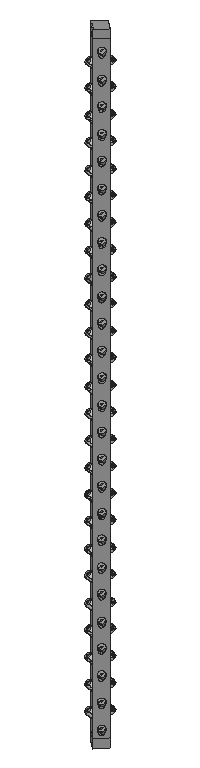
Revit family "Vertical Farm C", category Columns, Revit 2024 (continued)
Automatic sketch dimensions
  radius of Extrusion 87 sketch curve = 0' - 1 1/8"  (x2)
  radius of Extrusion 87 sketch curve = 0' - 1 3/32"  (x2)
  radius of Extrusion 88 sketch curve = 0' - 0 5/16"  (x2)
  radius of Extrusion 88 sketch curve = 0' - 1"  (x2)
  radius of Extrusion 89 sketch curve = 0' - 1"  (x2)
  radius of Extrusion 89 sketch curve = 0' - 1 1/8"  (x2)
  radius of Extrusion 90 sketch curve = 0' - 1 1/8"  (x2)
  radius of Extrusion 90 sketch curve = 0' - 1 3/32"  (x2)
  radius of Extrusion 91 sketch curve = 0' - 0 5/16"  (x2)
  radius of Extrusion 91 sketch curve = 0' - 1"  (x2)
  radius of Extrusion 92 sketch curve = 0' - 1"  (x2)
  radius of Extrusion 92 sketch curve = 0' - 1 1/8"  (x2)
  radius of Extrusion 93 sketch curve = 0' - 1 1/8"  (x2)
  radius of Extrusion 93 sketch curve = 0' - 1 3/32"  (x2)
  radius of Extrusion 94 sketch curve = 0' - 0 5/16"  (x2)
  radius of Extrusion 94 sketch curve = 0' - 1"  (x2)
  radius of Extrusion 95 sketch curve = 0' - 1"  (x2)
  radius of Extrusion 95 sketch curve = 0' - 1 1/8"  (x2)
  radius of Extrusion 96 sketch curve = 0' - 1 1/8"  (x2)
  radius of Extrusion 96 sketch curve = 0' - 1 3/32"  (x2)
  radius of Extrusion 97 sketch curve = 0' - 0 5/16"  (x2)
  radius of Extrusion 97 sketch curve = 0' - 1"  (x2)
  radius of Extrusion 98 sketch curve = 0' - 1"  (x2)
  radius of Extrusion 98 sketch curve = 0' - 1 1/8"  (x2)
  radius of Extrusion 99 sketch curve = 0' - 1 1/8"  (x2)
  radius of Extrusion 99 sketch curve = 0' - 1 3/32"  (x2)
  radius of Extrusion 100 sketch curve = 0' - 0 5/16"  (x2)
  radius of Extrusion 100 sketch curve = 0' - 1"  (x2)
  radius of Extrusion 101 sketch curve = 0' - 1"  (x2)
  radius of Extrusion 101 sketch curve = 0' - 1 1/8"  (x2)
  radius of Extrusion 102 sketch curve = 0' - 1 1/8"  (x2)
  radius of Extrusion 102 sketch curve = 0' - 1 3/32"  (x2)
  radius of Extrusion 103 sketch curve = 0' - 0 5/16"  (x2)
  radius of Extrusion 103 sketch curve = 0' - 1"  (x2)
  radius of Extrusion 104 sketch curve = 0' - 1"  (x2)
  radius of Extrusion 104 sketch curve = 0' - 1 1/8"  (x2)
  radius of Extrusion 105 sketch curve = 0' - 1 1/8"  (x2)
  radius of Extrusion 105 sketch curve = 0' - 1 3/32"  (x2)
  radius of Extrusion 106 sketch curve = 0' - 0 5/16"  (x2)
  radius of Extrusion 106 sketch curve = 0' - 1"  (x2)
  radius of Extrusion 107 sketch curve = 0' - 1"  (x2)
  radius of Extrusion 107 sketch curve = 0' - 1 1/8"  (x2)
  radius of Extrusion 108 sketch curve = 0' - 1 1/8"  (x2)
  radius of Extrusion 108 sketch curve = 0' - 1 3/32"  (x2)
  radius of Extrusion 109 sketch curve = 0' - 0 5/16"  (x2)
  radius of Extrusion 109 sketch curve = 0' - 1"  (x2)
  radius of Extrusion 110 sketch curve = 0' - 1"  (x2)
  radius of Extrusion 110 sketch curve = 0' - 1 1/8"  (x2)
  radius of Extrusion 111 sketch curve = 0' - 1 1/8"  (x2)
  radius of Extrusion 111 sketch curve = 0' - 1 3/32"  (x2)
  radius of Extrusion 112 sketch curve = 0' - 0 5/16"  (x2)
  radius of Extrusion 112 sketch curve = 0' - 1"  (x2)
  radius of Extrusion 113 sketch curve = 0' - 1"  (x2)
  radius of Extrusion 113 sketch curve = 0' - 1 1/8"  (x2)
  radius of Extrusion 114 sketch curve = 0' - 1 1/8"  (x2)
  radius of Extrusion 114 sketch curve = 0' - 1 3/32"  (x2)
  radius of Extrusion 115 sketch curve = 0' - 0 5/16"  (x2)
  radius of Extrusion 115 sketch curve = 0' - 1"  (x2)
  radius of Extrusion 116 sketch curve = 0' - 1"  (x2)
  radius of Extrusion 116 sketch curve = 0' - 1 1/8"  (x2)
  radius of Extrusion 117 sketch curve = 0' - 1 1/8"  (x2)
  radius of Extrusion 117 sketch curve = 0' - 1 3/32"  (x2)
  radius of Extrusion 118 sketch curve = 0' - 0 5/16"  (x2)
  radius of Extrusion 118 sketch curve = 0' - 1"  (x2)
  radius of Extrusion 119 sketch curve = 0' - 1"  (x2)
  radius of Extrusion 119 sketch curve = 0' - 1 1/8"  (x2)
  radius of Extrusion 120 sketch curve = 0' - 1 1/8"  (x2)
  radius of Extrusion 120 sketch curve = 0' - 1 3/32"  (x2)
  radius of Extrusion 121 sketch curve = 0' - 0 5/16"  (x2)
  radius of Extrusion 121 sketch curve = 0' - 1"  (x2)
  radius of Extrusion 122 sketch curve = 0' - 1"  (x2)
  radius of Extrusion 122 sketch curve = 0' - 1 1/8"  (x2)
  radius of Extrusion 123 sketch curve = 0' - 1 1/8"  (x2)
  radius of Extrusion 123 sketch curve = 0' - 1 3/32"  (x2)
  radius of Extrusion 124 sketch curve = 0' - 0 5/16"  (x2)
  radius of Extrusion 124 sketch curve = 0' - 1"  (x2)
  radius of Extrusion 125 sketch curve = 0' - 1"  (x2)
  radius of Extrusion 125 sketch curve = 0' - 1 1/8"  (x2)
  radius of Extrusion 126 sketch curve = 0' - 1 1/8"  (x2)
  radius of Extrusion 126 sketch curve = 0' - 1 3/32"  (x2)
  radius of Extrusion 127 sketch curve = 0' - 0 5/16"  (x2)
  radius of Extrusion 127 sketch curve = 0' - 1"  (x2)
  radius of Extrusion 128 sketch curve = 0' - 1"  (x2)
  radius of Extrusion 128 sketch curve = 0' - 1 1/8"  (x2)
  radius of Extrusion 129 sketch curve = 0' - 1 1/8"  (x2)
  radius of Extrusion 129 sketch curve = 0' - 1 3/32"  (x2)
  radius of Extrusion 130 sketch curve = 0' - 0 5/16"  (x2)
  radius of Extrusion 130 sketch curve = 0' - 1"  (x2)
  radius of Extrusion 131 sketch curve = 0' - 1"  (x2)
  radius of Extrusion 131 sketch curve = 0' - 1 1/8"  (x2)
  radius of Extrusion 132 sketch curve = 0' - 1 1/8"  (x2)
  radius of Extrusion 132 sketch curve = 0' - 1 3/32"  (x2)
  radius of Extrusion 133 sketch curve = 0' - 0 5/16"  (x2)
  radius of Extrusion 133 sketch curve = 0' - 1"  (x2)
  radius of Extrusion 134 sketch curve = 0' - 1"  (x2)
  radius of Extrusion 134 sketch curve = 0' - 1 1/8"  (x2)
  radius of Extrusion 135 sketch curve = 0' - 1 1/8"  (x2)
  radius of Extrusion 135 sketch curve = 0' - 1 3/32"  (x2)
  radius of Extrusion 136 sketch curve = 0' - 0 5/16"  (x2)
  radius of Extrusion 136 sketch curve = 0' - 1"  (x2)
  radius of Extrusion 137 sketch curve = 0' - 1"  (x2)
  radius of Extrusion 137 sketch curve = 0' - 1 1/8"  (x2)
  radius of Extrusion 138 sketch curve = 0' - 1 1/8"  (x2)
  radius of Extrusion 138 sketch curve = 0' - 1 3/32"  (x2)
  radius of Extrusion 139 sketch curve = 0' - 0 5/16"  (x2)
  radius of Extrusion 139 sketch curve = 0' - 1"  (x2)
  radius of Extrusion 140 sketch curve = 0' - 1"  (x2)
  radius of Extrusion 140 sketch curve = 0' - 1 1/8"  (x2)
  radius of Extrusion 141 sketch curve = 0' - 1 1/8"  (x2)
  radius of Extrusion 141 sketch curve = 0' - 1 3/32"  (x2)
  radius of Extrusion 142 sketch curve = 0' - 0 5/16"  (x2)
  radius of Extrusion 142 sketch curve = 0' - 1"  (x2)
  radius of Extrusion 143 sketch curve = 0' - 1"  (x2)
  radius of Extrusion 143 sketch curve = 0' - 1 1/8"  (x2)
  radius of Extrusion 144 sketch curve = 0' - 1 1/8"  (x2)
  radius of Extrusion 144 sketch curve = 0' - 1 3/32"  (x2)
  radius of Extrusion 145 sketch curve = 0' - 0 5/16"  (x2)
  radius of Extrusion 145 sketch curve = 0' - 1"  (x2)
  radius of Extrusion 146 sketch curve = 0' - 1"  (x2)
  radius of Extrusion 146 sketch curve = 0' - 1 1/8"  (x2)
  radius of Extrusion 147 sketch curve = 0' - 1 1/8"  (x2)
  radius of Extrusion 147 sketch curve = 0' - 1 3/32"  (x2)
  radius of Extrusion 148 sketch curve = 0' - 0 5/16"  (x2)
  radius of Extrusion 148 sketch curve = 0' - 1"  (x2)
  radius of Extrusion 149 sketch curve = 0' - 1"  (x2)
  radius of Extrusion 149 sketch curve = 0' - 1 1/8"  (x2)
  radius of Extrusion 150 sketch curve = 0' - 1 1/8"  (x2)
  radius of Extrusion 150 sketch curve = 0' - 1 3/32"  (x2)
  radius of Extrusion 151 sketch curve = 0' - 0 5/16"  (x2)
  radius of Extrusion 151 sketch curve = 0' - 1"  (x2)
  radius of Extrusion 152 sketch curve = 0' - 1"  (x2)
  radius of Extrusion 152 sketch curve = 0' - 1 1/8"  (x2)
  radius of Extrusion 153 sketch curve = 0' - 1 1/8"  (x2)
  radius of Extrusion 153 sketch curve = 0' - 1 3/32"  (x2)
  radius of Extrusion 154 sketch curve = 0' - 0 5/16"  (x2)
  radius of Extrusion 154 sketch curve = 0' - 1"  (x2)
  radius of Extrusion 155 sketch curve = 0' - 1"  (x2)
  radius of Extrusion 155 sketch curve = 0' - 1 1/8"  (x2)
  radius of Extrusion 156 sketch curve = 0' - 1 1/8"  (x2)
  radius of Extrusion 156 sketch curve = 0' - 1 3/32"  (x2)
  radius of Extrusion 157 sketch curve = 0' - 0 5/16"  (x2)
  radius of Extrusion 157 sketch curve = 0' - 1"  (x2)
  radius of Extrusion 158 sketch curve = 0' - 1"  (x2)
  radius of Extrusion 158 sketch curve = 0' - 1 1/8"  (x2)
  radius of Extrusion 159 sketch curve = 0' - 1 1/8"  (x2)
  radius of Extrusion 159 sketch curve = 0' - 1 3/32"  (x2)
  radius of Extrusion 160 sketch curve = 0' - 0 5/16"  (x2)
  radius of Extrusion 160 sketch curve = 0' - 1"  (x2)
  radius of Extrusion 161 sketch curve = 0' - 1"  (x2)
  radius of Extrusion 161 sketch curve = 0' - 1 1/8"  (x2)
  radius of Extrusion 162 sketch curve = 0' - 1 1/8"  (x2)
  radius of Extrusion 162 sketch curve = 0' - 1 3/32"  (x2)
  radius of Extrusion 163 sketch curve = 0' - 0 5/16"  (x2)
  radius of Extrusion 163 sketch curve = 0' - 1"  (x2)
  radius of Extrusion 164 sketch curve = 0' - 1"  (x2)
  radius of Extrusion 164 sketch curve = 0' - 1 1/8"  (x2)
  radius of Extrusion 165 sketch curve = 0' - 1 1/8"  (x2)
  radius of Extrusion 165 sketch curve = 0' - 1 3/32"  (x2)
  radius of Extrusion 166 sketch curve = 0' - 0 5/16"  (x2)
  radius of Extrusion 166 sketch curve = 0' - 1"  (x2)
  radius of Extrusion 167 sketch curve = 0' - 1"  (x2)
  radius of Extrusion 167 sketch curve = 0' - 1 1/8"  (x2)
  radius of Extrusion 168 sketch curve = 0' - 1 1/8"  (x2)
  radius of Extrusion 168 sketch curve = 0' - 1 3/32"  (x2)
  radius of Extrusion 169 sketch curve = 0' - 0 5/16"  (x2)
  radius of Extrusion 169 sketch curve = 0' - 1"  (x2)
  radius of Extrusion 170 sketch curve = 0' - 1"  (x2)
  radius of Extrusion 170 sketch curve = 0' - 1 1/8"  (x2)
  radius of Extrusion 171 sketch curve = 0' - 1 1/8"  (x2)
  radius of Extrusion 171 sketch curve = 0' - 1 3/32"  (x2)
  radius of Extrusion 172 sketch curve = 0' - 0 5/16"  (x2)
  radius of Extrusion 172 sketch curve = 0' - 1"  (x2)
  radius of Extrusion 173 sketch curve = 0' - 1"  (x2)
  radius of Extrusion 173 sketch curve = 0' - 1 1/8"  (x2)
  radius of Extrusion 174 sketch curve = 0' - 1 1/8"  (x2)
  radius of Extrusion 174 sketch curve = 0' - 1 3/32"  (x2)
  radius of Extrusion 175 sketch curve = 0' - 0 5/16"  (x2)
  radius of Extrusion 175 sketch curve = 0' - 1"  (x2)
  radius of Extrusion 176 sketch curve = 0' - 1"  (x2)
  radius of Extrusion 176 sketch curve = 0' - 1 1/8"  (x2)
  radius of Extrusion 177 sketch curve = 0' - 1 1/8"  (x2)
  radius of Extrusion 177 sketch curve = 0' - 1 3/32"  (x2)
  radius of Extrusion 178 sketch curve = 0' - 0 5/16"  (x2)
  radius of Extrusion 178 sketch curve = 0' - 1"  (x2)
  radius of Extrusion 179 sketch curve = 0' - 1"  (x2)
  radius of Extrusion 179 sketch curve = 0' - 1 1/8"  (x2)
  radius of Extrusion 180 sketch curve = 0' - 1 1/8"  (x2)
  radius of Extrusion 180 sketch curve = 0' - 1 3/32"  (x2)
  radius of Extrusion 181 sketch curve = 0' - 0 5/16"  (x2)
  radius of Extrusion 181 sketch curve = 0' - 1"  (x2)
  radius of Extrusion 182 sketch curve = 0' - 1"  (x2)
  radius of Extrusion 182 sketch curve = 0' - 1 1/8"  (x2)
  radius of Extrusion 183 sketch curve = 0' - 1 1/8"  (x2)
  radius of Extrusion 183 sketch curve = 0' - 1 3/32"  (x2)
  radius of Extrusion 184 sketch curve = 0' - 0 5/16"  (x2)
  radius of Extrusion 184 sketch curve = 0' - 1"  (x2)
  radius of Extrusion 185 sketch curve = 0' - 1"  (x2)
  radius of Extrusion 185 sketch curve = 0' - 1 1/8"  (x2)
  radius of Extrusion 186 sketch curve = 0' - 1 1/8"  (x2)
  radius of Extrusion 186 sketch curve = 0' - 1 3/32"  (x2)
  radius of Extrusion 187 sketch curve = 0' - 0 5/16"  (x2)
  radius of Extrusion 187 sketch curve = 0' - 1"  (x2)
  radius of Extrusion 188 sketch curve = 0' - 1"  (x2)
  radius of Extrusion 188 sketch curve = 0' - 1 1/8"  (x2)
  radius of Extrusion 189 sketch curve = 0' - 1 1/8"  (x2)
  radius of Extrusion 189 sketch curve = 0' - 1 3/32"  (x2)
  radius of Extrusion 190 sketch curve = 0' - 0 5/16"  (x2)
  radius of Extrusion 190 sketch curve = 0' - 1"  (x2)
  radius of Extrusion 191 sketch curve = 0' - 1"  (x2)
  radius of Extrusion 191 sketch curve = 0' - 1 1/8"  (x2)
  radius of Extrusion 192 sketch curve = 0' - 1 1/8"  (x2)
  radius of Extrusion 192 sketch curve = 0' - 1 3/32"  (x2)
  radius of Extrusion 193 sketch curve = 0' - 0 5/16"  (x2)
  radius of Extrusion 193 sketch curve = 0' - 1"  (x2)
  radius of Extrusion 194 sketch curve = 0' - 1"  (x2)
  radius of Extrusion 194 sketch curve = 0' - 1 1/8"  (x2)
  radius of Extrusion 195 sketch curve = 0' - 1 1/8"  (x2)
  radius of Extrusion 195 sketch curve = 0' - 1 3/32"  (x2)
  radius of Extrusion 196 sketch curve = 0' - 0 5/16"  (x2)
  radius of Extrusion 196 sketch curve = 0' - 1"  (x2)
  radius of Extrusion 197 sketch curve = 0' - 1"  (x2)
  radius of Extrusion 197 sketch curve = 0' - 1 1/8"  (x2)
  radius of Extrusion 198 sketch curve = 0' - 1 1/8"  (x2)
  radius of Extrusion 198 sketch curve = 0' - 1 3/32"  (x2)
  radius of Extrusion 199 sketch curve = 0' - 0 5/16"  (x2)
  radius of Extrusion 199 sketch curve = 0' - 1"  (x2)
  radius of Extrusion 200 sketch curve = 0' - 1"  (x2)
  radius of Extrusion 200 sketch curve = 0' - 1 1/8"  (x2)
  radius of Extrusion 201 sketch curve = 0' - 1 1/8"  (x2)
  radius of Extrusion 201 sketch curve = 0' - 1 3/32"  (x2)
  radius of Extrusion 202 sketch curve = 0' - 0 5/16"  (x2)
  radius of Extrusion 202 sketch curve = 0' - 1"  (x2)
  radius of Extrusion 203 sketch curve = 0' - 1"  (x2)
  radius of Extrusion 203 sketch curve = 0' - 1 1/8"  (x2)
  radius of Extrusion 204 sketch curve = 0' - 1 1/8"  (x2)
  radius of Extrusion 204 sketch curve = 0' - 1 3/32"  (x2)
  radius of Extrusion 205 sketch curve = 0' - 0 5/16"  (x2)
  radius of Extrusion 205 sketch curve = 0' - 1"  (x2)
  radius of Extrusion 206 sketch curve = 0' - 1"  (x2)
  radius of Extrusion 206 sketch curve = 0' - 1 1/8"  (x2)
  radius of Extrusion 207 sketch curve = 0' - 1 1/8"  (x2)
  radius of Extrusion 207 sketch curve = 0' - 1 3/32"  (x2)
  radius of Extrusion 208 sketch curve = 0' - 0 5/16"  (x2)
  radius of Extrusion 208 sketch curve = 0' - 1"  (x2)
  radius of Extrusion 209 sketch curve = 0' - 1"  (x2)
  radius of Extrusion 209 sketch curve = 0' - 1 1/8"  (x2)
  radius of Extrusion 210 sketch curve = 0' - 1 1/8"  (x2)
  radius of Extrusion 210 sketch curve = 0' - 1 3/32"  (x2)
  radius of Extrusion 211 sketch curve = 0' - 0 5/16"  (x2)
  radius of Extrusion 211 sketch curve = 0' - 1"  (x2)
  radius of Extrusion 212 sketch curve = 0' - 1"  (x2)
  radius of Extrusion 212 sketch curve = 0' - 1 1/8"  (x2)
  radius of Extrusion 213 sketch curve = 0' - 1 1/8"  (x2)
  radius of Extrusion 213 sketch curve = 0' - 1 3/32"  (x2)
  radius of Extrusion 214 sketch curve = 0' - 0 5/16"  (x2)
  radius of Extrusion 214 sketch curve = 0' - 1"  (x2)
  radius of Extrusion 215 sketch curve = 0' - 1"  (x2)
  radius of Extrusion 215 sketch curve = 0' - 1 1/8"  (x2)
  radius of Extrusion 216 sketch curve = 0' - 1 1/8"  (x2)
  radius of Extrusion 216 sketch curve = 0' - 1 3/32"  (x2)
  radius of Extrusion 217 sketch curve = 0' - 0 5/16"  (x2)
  radius of Extrusion 217 sketch curve = 0' - 1"  (x2)
  radius of Extrusion 218 sketch curve = 0' - 1"  (x2)
  radius of Extrusion 218 sketch curve = 0' - 1 1/8"  (x2)
  radius of Extrusion 219 sketch curve = 0' - 1 1/8"  (x2)
  radius of Extrusion 219 sketch curve = 0' - 1 3/32"  (x2)
  radius of Extrusion 220 sketch curve = 0' - 0 5/16"  (x2)
  radius of Extrusion 220 sketch curve = 0' - 1"  (x2)
  radius of Extrusion 221 sketch curve = 0' - 1"  (x2)
  radius of Extrusion 221 sketch curve = 0' - 1 1/8"  (x2)
  radius of Extrusion 222 sketch curve = 0' - 1 1/8"  (x2)
  radius of Extrusion 222 sketch curve = 0' - 1 3/32"  (x2)
  radius of Extrusion 223 sketch curve = 0' - 0 5/16"  (x2)
  radius of Extrusion 223 sketch curve = 0' - 1"  (x2)
  radius of Extrusion 224 sketch curve = 0' - 1"  (x2)
  radius of Extrusion 224 sketch curve = 0' - 1 1/8"  (x2)
  radius of Extrusion 225 sketch curve = 0' - 1 1/8"  (x2)
  radius of Extrusion 225 sketch curve = 0' - 1 3/32"  (x2)
  radius of Extrusion 226 sketch curve = 0' - 0 5/16"  (x2)
  radius of Extrusion 226 sketch curve = 0' - 1"  (x2)
  radius of Extrusion 227 sketch curve = 0' - 1"  (x2)
  radius of Extrusion 227 sketch curve = 0' - 1 1/8"  (x2)
  radius of Extrusion 228 sketch curve = 0' - 1 1/8"  (x2)
  radius of Extrusion 228 sketch curve = 0' - 1 3/32"  (x2)
  radius of Extrusion 229 sketch curve = 0' - 0 5/16"  (x2)
  radius of Extrusion 229 sketch curve = 0' - 1"  (x2)
  radius of Extrusion 230 sketch curve = 0' - 1"  (x2)
  radius of Extrusion 230 sketch curve = 0' - 1 1/8"  (x2)
  radius of Extrusion 231 sketch curve = 0' - 1 1/8"  (x2)
  radius of Extrusion 231 sketch curve = 0' - 1 3/32"  (x2)
  radius of Extrusion 232 sketch curve = 0' - 0 5/16"  (x2)
  radius of Extrusion 232 sketch curve = 0' - 1"  (x2)
  radius of Extrusion 233 sketch curve = 0' - 1"  (x2)
  radius of Extrusion 233 sketch curve = 0' - 1 1/8"  (x2)
  radius of Extrusion 234 sketch curve = 0' - 1 1/8"  (x2)
  radius of Extrusion 234 sketch curve = 0' - 1 3/32"  (x2)
  radius of Extrusion 235 sketch curve = 0' - 0 5/16"  (x2)
  radius of Extrusion 235 sketch curve = 0' - 1"  (x2)
  radius of Extrusion 236 sketch curve = 0' - 1"  (x2)
  radius of Extrusion 236 sketch curve = 0' - 1 1/8"  (x2)
  radius of Extrusion 237 sketch curve = 0' - 1 1/8"  (x2)
  radius of Extrusion 237 sketch curve = 0' - 1 3/32"  (x2)
  radius of Extrusion 238 sketch curve = 0' - 0 5/16"  (x2)
  radius of Extrusion 238 sketch curve = 0' - 1"  (x2)
  radius of Extrusion 239 sketch curve = 0' - 1"  (x2)
  radius of Extrusion 239 sketch curve = 0' - 1 1/8"  (x2)
  radius of Extrusion 240 sketch curve = 0' - 1 1/8"  (x2)
  radius of Extrusion 240 sketch curve = 0' - 1 3/32"  (x2)
  radius of Extrusion 241 sketch curve = 0' - 0 5/16"  (x2)
  radius of Extrusion 241 sketch curve = 0' - 1"  (x2)
  radius of Extrusion 242 sketch curve = 0' - 1"  (x2)
  radius of Extrusion 242 sketch curve = 0' - 1 1/8"  (x2)
  radius of Extrusion 243 sketch curve = 0' - 1 1/8"  (x2)
  radius of Extrusion 243 sketch curve = 0' - 1 3/32"  (x2)
  radius of Extrusion 244 sketch curve = 0' - 0 5/16"  (x2)
  radius of Extrusion 244 sketch curve = 0' - 1"  (x2)
  radius of Extrusion 245 sketch curve = 0' - 1"  (x2)
  radius of Extrusion 245 sketch curve = 0' - 1 1/8"  (x2)
  radius of Extrusion 246 sketch curve = 0' - 1 1/8"  (x2)
  radius of Extrusion 246 sketch curve = 0' - 1 3/32"  (x2)
  radius of Extrusion 247 sketch curve = 0' - 0 5/16"  (x2)
  radius of Extrusion 247 sketch curve = 0' - 1"  (x2)
  radius of Extrusion 248 sketch curve = 0' - 1"  (x2)
  radius of Extrusion 248 sketch curve = 0' - 1 1/8"  (x2)
  radius of Extrusion 249 sketch curve = 0' - 1 1/8"  (x2)
  radius of Extrusion 249 sketch curve = 0' - 1 3/32"  (x2)
  radius of Extrusion 250 sketch curve = 0' - 0 5/16"  (x2)
  radius of Extrusion 250 sketch curve = 0' - 1"  (x2)
  radius of Extrusion 251 sketch curve = 0' - 1"  (x2)
  radius of Extrusion 251 sketch curve = 0' - 1 1/8"  (x2)
  radius of Extrusion 252 sketch curve = 0' - 1 1/8"  (x2)
  radius of Extrusion 252 sketch curve = 0' - 1 3/32"  (x2)
  radius of Extrusion 253 sketch curve = 0' - 0 5/16"  (x2)
  radius of Extrusion 253 sketch curve = 0' - 1"  (x2)
  radius of Extrusion 254 sketch curve = 0' - 1"  (x2)
  radius of Extrusion 254 sketch curve = 0' - 1 1/8"  (x2)
  radius of Extrusion 255 sketch curve = 0' - 1 1/8"  (x2)
  radius of Extrusion 255 sketch curve = 0' - 1 3/32"  (x2)
  radius of Extrusion 256 sketch curve = 0' - 0 5/16"  (x2)
  radius of Extrusion 256 sketch curve = 0' - 1"  (x2)
  radius of Extrusion 257 sketch curve = 0' - 1"  (x2)
  radius of Extrusion 257 sketch curve = 0' - 1 1/8"  (x2)
  radius of Extrusion 258 sketch curve = 0' - 1 1/8"  (x2)
  radius of Extrusion 258 sketch curve = 0' - 1 3/32"  (x2)
  radius of Extrusion 259 sketch curve = 0' - 0 5/16"  (x2)
  radius of Extrusion 259 sketch curve = 0' - 1"  (x2)
  radius of Extrusion 260 sketch curve = 0' - 1"  (x2)
  radius of Extrusion 260 sketch curve = 0' - 1 1/8"  (x2)
  radius of Extrusion 261 sketch curve = 0' - 1 1/8"  (x2)
  radius of Extrusion 261 sketch curve = 0' - 1 3/32"  (x2)
  radius of Extrusion 262 sketch curve = 0' - 0 5/16"  (x2)
  radius of Extrusion 262 sketch curve = 0' - 1"  (x2)
  radius of Extrusion 263 sketch curve = 0' - 1"  (x2)
  radius of Extrusion 263 sketch curve = 0' - 1 1/8"  (x2)
  radius of Extrusion 264 sketch curve = 0' - 1 1/8"  (x2)
  radius of Extrusion 264 sketch curve = 0' - 1 3/32"  (x2)
  radius of Extrusion 265 sketch curve = 0' - 0 5/16"  (x2)
  radius of Extrusion 265 sketch curve = 0' - 1"  (x2)
  radius of Extrusion 266 sketch curve = 0' - 1"  (x2)
  radius of Extrusion 266 sketch curve = 0' - 1 1/8"  (x2)
  radius of Extrusion 267 sketch curve = 0' - 1 1/8"  (x2)
  radius of Extrusion 267 sketch curve = 0' - 1 3/32"  (x2)
  radius of Extrusion 268 sketch curve = 0' - 0 5/16"  (x2)
  radius of Extrusion 268 sketch curve = 0' - 1"  (x2)
  radius of Extrusion 269 sketch curve = 0' - 1"  (x2)
  radius of Extrusion 269 sketch curve = 0' - 1 1/8"  (x2)
  radius of Extrusion 270 sketch curve = 0' - 1 1/8"  (x2)
  radius of Extrusion 270 sketch curve = 0' - 1 3/32"  (x2)
  radius of Extrusion 271 sketch curve = 0' - 0 5/16"  (x2)
  radius of Extrusion 271 sketch curve = 0' - 1"  (x2)
  radius of Extrusion 272 sketch curve = 0' - 1"  (x2)
  radius of Extrusion 272 sketch curve = 0' - 1 1/8"  (x2)
  radius of Extrusion 273 sketch curve = 0' - 1 1/8"  (x2)
  radius of Extrusion 273 sketch curve = 0' - 1 3/32"  (x2)
  radius of Extrusion 274 sketch curve = 0' - 0 5/16"  (x2)
  radius of Extrusion 274 sketch curve = 0' - 1"  (x2)
  radius of Extrusion 275 sketch curve = 0' - 1"  (x2)
  radius of Extrusion 275 sketch curve = 0' - 1 1/8"  (x2)
  radius of Extrusion 276 sketch curve = 0' - 1 1/8"  (x2)
  radius of Extrusion 276 sketch curve = 0' - 1 3/32"  (x2)
  radius of Extrusion 277 sketch curve = 0' - 0 5/16"  (x2)
  radius of Extrusion 277 sketch curve = 0' - 1"  (x2)
  radius of Extrusion 278 sketch curve = 0' - 1"  (x2)
  radius of Extrusion 278 sketch curve = 0' - 1 1/8"  (x2)
  radius of Extrusion 279 sketch curve = 0' - 1 1/8"  (x2)
  radius of Extrusion 279 sketch curve = 0' - 1 3/32"  (x2)
  radius of Extrusion 280 sketch curve = 0' - 0 5/16"  (x2)
  radius of Extrusion 280 sketch curve = 0' - 1"  (x2)
  radius of Extrusion 281 sketch curve = 0' - 1"  (x2)
  radius of Extrusion 281 sketch curve = 0' - 1 1/8"  (x2)
  radius of Extrusion 282 sketch curve = 0' - 1 1/8"  (x2)
  radius of Extrusion 282 sketch curve = 0' - 1 3/32"  (x2)
  radius of Extrusion 283 sketch curve = 0' - 0 5/16"  (x2)
  radius of Extrusion 283 sketch curve = 0' - 1"  (x2)
  radius of Extrusion 284 sketch curve = 0' - 1"  (x2)
  radius of Extrusion 284 sketch curve = 0' - 1 1/8"  (x2)
  radius of Extrusion 285 sketch curve = 0' - 1 1/8"  (x2)
  radius of Extrusion 285 sketch curve = 0' - 1 3/32"  (x2)
  radius of Extrusion 286 sketch curve = 0' - 0 5/16"  (x2)
  radius of Extrusion 286 sketch curve = 0' - 1"  (x2)
  radius of Extrusion 287 sketch curve = 0' - 1"  (x2)
  radius of Extrusion 287 sketch curve = 0' - 1 1/8"  (x2)
  radius of Extrusion 288 sketch curve = 0' - 1 1/8"  (x2)
  radius of Extrusion 288 sketch curve = 0' - 1 3/32"  (x2)
  radius of Extrusion 289 sketch curve = 0' - 0 5/16"  (x2)
  radius of Extrusion 289 sketch curve = 0' - 1"  (x2)
  radius of Extrusion 290 sketch curve = 0' - 1"  (x2)
  radius of Extrusion 290 sketch curve = 0' - 1 1/8"  (x2)
  radius of Extrusion 291 sketch curve = 0' - 1 1/8"  (x2)
  radius of Extrusion 291 sketch curve = 0' - 1 3/32"  (x2)
  radius of Extrusion 292 sketch curve = 0' - 0 5/16"  (x2)
  radius of Extrusion 292 sketch curve = 0' - 1"  (x2)
  radius of Extrusion 293 sketch curve = 0' - 1"  (x2)
  radius of Extrusion 293 sketch curve = 0' - 1 1/8"  (x2)
  radius of Extrusion 294 sketch curve = 0' - 1 1/8"  (x2)
  radius of Extrusion 294 sketch curve = 0' - 1 3/32"  (x2)
  radius of Extrusion 295 sketch curve = 0' - 0 5/16"  (x2)
  radius of Extrusion 295 sketch curve = 0' - 1"  (x2)
  radius of Extrusion 296 sketch curve = 0' - 1"  (x2)
  radius of Extrusion 296 sketch curve = 0' - 1 1/8"  (x2)
  radius of Extrusion 297 sketch curve = 0' - 1 1/8"  (x2)
  radius of Extrusion 297 sketch curve = 0' - 1 3/32"  (x2)
  radius of Extrusion 298 sketch curve = 0' - 0 5/16"  (x2)
  radius of Extrusion 298 sketch curve = 0' - 1"  (x2)
  radius of Extrusion 299 sketch curve = 0' - 1"  (x2)
  radius of Extrusion 299 sketch curve = 0' - 1 1/8"  (x2)
  radius of Extrusion 300 sketch curve = 0' - 1 1/8"  (x2)
  radius of Extrusion 300 sketch curve = 0' - 1 3/32"  (x2)
  radius of Extrusion 301 sketch curve = 0' - 0 5/16"  (x2)
  radius of Extrusion 301 sketch curve = 0' - 1"  (x2)
  radius of Extrusion 302 sketch curve = 0' - 1"  (x2)
  radius of Extrusion 302 sketch curve = 0' - 1 1/8"  (x2)
  radius of Extrusion 303 sketch curve = 0' - 1 1/8"  (x2)
  radius of Extrusion 303 sketch curve = 0' - 1 3/32"  (x2)
  radius of Extrusion 304 sketch curve = 0' - 0 5/16"  (x2)
  radius of Extrusion 304 sketch curve = 0' - 1"  (x2)
  radius of Extrusion 305 sketch curve = 0' - 1"  (x2)
  radius of Extrusion 305 sketch curve = 0' - 1 1/8"  (x2)
  radius of Extrusion 306 sketch curve = 0' - 1 1/8"  (x2)
  radius of Extrusion 306 sketch curve = 0' - 1 3/32"  (x2)
  radius of Extrusion 307 sketch curve = 0' - 0 5/16"  (x2)
  radius of Extrusion 307 sketch curve = 0' - 1"  (x2)
  radius of Extrusion 308 sketch curve = 0' - 1"  (x2)
  radius of Extrusion 308 sketch curve = 0' - 1 1/8"  (x2)
  radius of Extrusion 309 sketch curve = 0' - 1 1/8"  (x2)
  radius of Extrusion 309 sketch curve = 0' - 1 3/32"  (x2)
  radius of Extrusion 310 sketch curve = 0' - 0 5/16"  (x2)
  radius of Extrusion 310 sketch curve = 0' - 1"  (x2)
  radius of Extrusion 311 sketch curve = 0' - 1"  (x2)
  radius of Extrusion 311 sketch curve = 0' - 1 1/8"  (x2)
  radius of Extrusion 312 sketch curve = 0' - 1 1/8"  (x2)
  radius of Extrusion 312 sketch curve = 0' - 1 3/32"  (x2)
  radius of Extrusion 313 sketch curve = 0' - 0 5/16"  (x2)
  radius of Extrusion 313 sketch curve = 0' - 1"  (x2)
  radius of Extrusion 314 sketch curve = 0' - 1"  (x2)
  radius of Extrusion 314 sketch curve = 0' - 1 1/8"  (x2)
  radius of Extrusion 315 sketch curve = 0' - 1 1/8"  (x2)
  radius of Extrusion 315 sketch curve = 0' - 1 3/32"  (x2)
  radius of Extrusion 316 sketch curve = 0' - 0 5/16"  (x2)
  radius of Extrusion 316 sketch curve = 0' - 1"  (x2)
  radius of Extrusion 317 sketch curve = 0' - 1"  (x2)
  radius of Extrusion 317 sketch curve = 0' - 1 1/8"  (x2)
  radius of Extrusion 318 sketch curve = 0' - 1 1/8"  (x2)
  radius of Extrusion 318 sketch curve = 0' - 1 3/32"  (x2)
  radius of Extrusion 319 sketch curve = 0' - 0 5/16"  (x2)
  radius of Extrusion 319 sketch curve = 0' - 1"  (x2)
  radius of Extrusion 320 sketch curve = 0' - 1"  (x2)
  radius of Extrusion 320 sketch curve = 0' - 1 1/8"  (x2)
  radius of Extrusion 321 sketch curve = 0' - 1 1/8"  (x2)
  radius of Extrusion 321 sketch curve = 0' - 1 3/32"  (x2)
  radius of Extrusion 322 sketch curve = 0' - 0 5/16"  (x2)
  radius of Extrusion 322 sketch curve = 0' - 1"  (x2)
  radius of Extrusion 323 sketch curve = 0' - 1"  (x2)
  radius of Extrusion 323 sketch curve = 0' - 1 1/8"  (x2)
  radius of Extrusion 324 sketch curve = 0' - 1 1/8"  (x2)
  radius of Extrusion 324 sketch curve = 0' - 1 3/32"  (x2)
  radius of Extrusion 325 sketch curve = 0' - 0 5/16"  (x2)
  radius of Extrusion 325 sketch curve = 0' - 1"  (x2)
  radius of Extrusion 326 sketch curve = 0' - 1"  (x2)
  radius of Extrusion 326 sketch curve = 0' - 1 1/8"  (x2)
  radius of Extrusion 327 sketch curve = 0' - 1 1/8"  (x2)
  radius of Extrusion 327 sketch curve = 0' - 1 3/32"  (x2)
  radius of Extrusion 328 sketch curve = 0' - 0 5/16"  (x2)
  radius of Extrusion 328 sketch curve = 0' - 1"  (x2)
  radius of Extrusion 329 sketch curve = 0' - 1"  (x2)
  radius of Extrusion 329 sketch curve = 0' - 1 1/8"  (x2)
  radius of Extrusion 330 sketch curve = 0' - 1 1/8"  (x2)
  radius of Extrusion 330 sketch curve = 0' - 1 3/32"  (x2)
  radius of Extrusion 331 sketch curve = 0' - 0 5/16"  (x2)
  radius of Extrusion 331 sketch curve = 0' - 1"  (x2)
  radius of Extrusion 332 sketch curve = 0' - 1"  (x2)
  radius of Extrusion 332 sketch curve = 0' - 1 1/8"  (x2)
  radius of Extrusion 333 sketch curve = 0' - 1 1/8"  (x2)
  radius of Extrusion 333 sketch curve = 0' - 1 3/32"  (x2)
  radius of Extrusion 334 sketch curve = 0' - 0 5/16"  (x2)
  radius of Extrusion 334 sketch curve = 0' - 1"  (x2)
  radius of Extrusion 335 sketch curve = 0' - 1"  (x2)
  radius of Extrusion 335 sketch curve = 0' - 1 1/8"  (x2)
  radius of Extrusion 336 sketch curve = 0' - 1 1/8"  (x2)
  radius of Extrusion 336 sketch curve = 0' - 1 3/32"  (x2)
  radius of Extrusion 337 sketch curve = 0' - 0 5/16"  (x2)
  radius of Extrusion 337 sketch curve = 0' - 1"  (x2)
  radius of Extrusion 338 sketch curve = 0' - 1"  (x2)
  radius of Extrusion 338 sketch curve = 0' - 1 1/8"  (x2)
  radius of Extrusion 339 sketch curve = 0' - 1 1/8"  (x2)
  radius of Extrusion 339 sketch curve = 0' - 1 3/32"  (x2)
  radius of Extrusion 340 sketch curve = 0' - 0 5/16"  (x2)
  radius of Extrusion 340 sketch curve = 0' - 1"  (x2)
  radius of Extrusion 341 sketch curve = 0' - 1"  (x2)
  radius of Extrusion 341 sketch curve = 0' - 1 1/8"  (x2)
  radius of Extrusion 342 sketch curve = 0' - 1 1/8"  (x2)
  radius of Extrusion 342 sketch curve = 0' - 1 3/32"  (x2)
  radius of Extrusion 343 sketch curve = 0' - 0 5/16"  (x2)
  radius of Extrusion 343 sketch curve = 0' - 1"  (x2)
  radius of Extrusion 344 sketch curve = 0' - 1"  (x2)
  radius of Extrusion 344 sketch curve = 0' - 1 1/8"  (x2)
  radius of Extrusion 345 sketch curve = 0' - 1 1/8"  (x2)
  radius of Extrusion 345 sketch curve = 0' - 1 3/32"  (x2)
  radius of Extrusion 346 sketch curve = 0' - 0 5/16"  (x2)
  radius of Extrusion 346 sketch curve = 0' - 1"  (x2)
  radius of Extrusion 347 sketch curve = 0' - 1"  (x2)
  radius of Extrusion 347 sketch curve = 0' - 1 1/8"  (x2)
  radius of Extrusion 348 sketch curve = 0' - 1 1/8"  (x2)
  radius of Extrusion 348 sketch curve = 0' - 1 3/32"  (x2)
  radius of Extrusion 349 sketch curve = 0' - 0 5/16"  (x2)
  radius of Extrusion 349 sketch curve = 0' - 1"  (x2)
  radius of Extrusion 350 sketch curve = 0' - 1"  (x2)
  radius of Extrusion 350 sketch curve = 0' - 1 1/8"  (x2)
  radius of Extrusion 351 sketch curve = 0' - 1 1/8"  (x2)
  radius of Extrusion 351 sketch curve = 0' - 1 3/32"  (x2)
  radius of Extrusion 352 sketch curve = 0' - 0 5/16"  (x2)
  radius of Extrusion 352 sketch curve = 0' - 1"  (x2)
  radius of Extrusion 353 sketch curve = 0' - 1"  (x2)
  radius of Extrusion 353 sketch curve = 0' - 1 1/8"  (x2)
  radius of Extrusion 354 sketch curve = 0' - 1 1/8"  (x2)
  radius of Extrusion 354 sketch curve = 0' - 1 3/32"  (x2)
  radius of Extrusion 355 sketch curve = 0' - 0 5/16"  (x2)
  radius of Extrusion 355 sketch curve = 0' - 1"  (x2)
  radius of Extrusion 356 sketch curve = 0' - 1"  (x2)
  radius of Extrusion 356 sketch curve = 0' - 1 1/8"  (x2)
  radius of Extrusion 357 sketch curve = 0' - 1 1/8"  (x2)
  radius of Extrusion 357 sketch curve = 0' - 1 3/32"  (x2)
  radius of Extrusion 358 sketch curve = 0' - 0 5/16"  (x2)
  radius of Extrusion 358 sketch curve = 0' - 1"  (x2)
  radius of Extrusion 359 sketch curve = 0' - 1"  (x2)
  radius of Extrusion 359 sketch curve = 0' - 1 1/8"  (x2)
  radius of Extrusion 360 sketch curve = 0' - 1 1/8"  (x2)
  radius of Extrusion 360 sketch curve = 0' - 1 3/32"  (x2)
  radius of Extrusion 361 sketch curve = 0' - 0 5/16"  (x2)
  radius of Extrusion 361 sketch curve = 0' - 1"  (x2)
  radius of Extrusion 362 sketch curve = 0' - 1"  (x2)
  radius of Extrusion 362 sketch curve = 0' - 1 1/8"  (x2)
  radius of Extrusion 363 sketch curve = 0' - 1 1/8"  (x2)
  radius of Extrusion 363 sketch curve = 0' - 1 3/32"  (x2)
  radius of Extrusion 364 sketch curve = 0' - 0 5/16"  (x2)
  radius of Extrusion 364 sketch curve = 0' - 1"  (x2)
  radius of Extrusion 365 sketch curve = 0' - 1"  (x2)
  radius of Extrusion 365 sketch curve = 0' - 1 1/8"  (x2)
  radius of Extrusion 366 sketch curve = 0' - 1 1/8"  (x2)
  radius of Extrusion 366 sketch curve = 0' - 1 3/32"  (x2)
  radius of Extrusion 370 sketch curve = 0' - 0 5/16"
  radius of Extrusion 370 sketch curve = 0' - 1"
  radius of Extrusion 371 sketch curve = 0' - 1"
  radius of Extrusion 371 sketch curve = 0' - 1 1/8"
  radius of Extrusion 372 sketch curve = 0' - 1 1/8"
  radius of Extrusion 372 sketch curve = 0' - 1 3/32"
  radius of Extrusion 373 sketch curve = 0' - 0 5/16"
  radius of Extrusion 373 sketch curve = 0' - 1"
  radius of Extrusion 374 sketch curve = 0' - 1"
  radius of Extrusion 374 sketch curve = 0' - 1 1/8"
  radius of Extrusion 375 sketch curve = 0' - 1 1/8"
  radius of Extrusion 375 sketch curve = 0' - 1 3/32"
  radius of Extrusion 376 sketch curve = 0' - 0 5/16"
  radius of Extrusion 376 sketch curve = 0' - 1"
  radius of Extrusion 377 sketch curve = 0' - 1"
  radius of Extrusion 377 sketch curve = 0' - 1 1/8"
  radius of Extrusion 378 sketch curve = 0' - 1 1/8"
  radius of Extrusion 378 sketch curve = 0' - 1 3/32"
  radius of Extrusion 379 sketch curve = 0' - 0 5/16"
  radius of Extrusion 379 sketch curve = 0' - 1"
  radius of Extrusion 380 sketch curve = 0' - 1"
  radius of Extrusion 380 sketch curve = 0' - 1 1/8"
  radius of Extrusion 381 sketch curve = 0' - 1 1/8"
  radius of Extrusion 381 sketch curve = 0' - 1 3/32"
  radius of Extrusion 382 sketch curve = 0' - 0 5/16"
  radius of Extrusion 382 sketch curve = 0' - 1"
  radius of Extrusion 383 sketch curve = 0' - 1"
  radius of Extrusion 383 sketch curve = 0' - 1 1/8"
  radius of Extrusion 384 sketch curve = 0' - 1 1/8"
  radius of Extrusion 384 sketch curve = 0' - 1 3/32"
  radius of Extrusion 385 sketch curve = 0' - 0 5/16"
  radius of Extrusion 385 sketch curve = 0' - 1"
  radius of Extrusion 386 sketch curve = 0' - 1"
  radius of Extrusion 386 sketch curve = 0' - 1 1/8"
  radius of Extrusion 387 sketch curve = 0' - 1 1/8"
  radius of Extrusion 387 sketch curve = 0' - 1 3/32"
  radius of Extrusion 388 sketch curve = 0' - 0 5/16"
  radius of Extrusion 388 sketch curve = 0' - 1"
  radius of Extrusion 389 sketch curve = 0' - 1"
  radius of Extrusion 389 sketch curve = 0' - 1 1/8"
  radius of Extrusion 390 sketch curve = 0' - 1 1/8"
  radius of Extrusion 390 sketch curve = 0' - 1 3/32"
  radius of Extrusion 391 sketch curve = 0' - 0 5/16"
  radius of Extrusion 391 sketch curve = 0' - 1"
  radius of Extrusion 392 sketch curve = 0' - 1"
  radius of Extrusion 392 sketch curve = 0' - 1 1/8"
  radius of Extrusion 393 sketch curve = 0' - 1 1/8"
  radius of Extrusion 393 sketch curve = 0' - 1 3/32"
  radius of Extrusion 394 sketch curve = 0' - 0 5/16"
  radius of Extrusion 394 sketch curve = 0' - 1"
  radius of Extrusion 395 sketch curve = 0' - 1"
  radius of Extrusion 395 sketch curve = 0' - 1 1/8"
  radius of Extrusion 396 sketch curve = 0' - 1 1/8"
  radius of Extrusion 396 sketch curve = 0' - 1 3/32"
  radius of Extrusion 397 sketch curve = 0' - 0 5/16"
  radius of Extrusion 397 sketch curve = 0' - 1"
  radius of Extrusion 398 sketch curve = 0' - 1"
  radius of Extrusion 398 sketch curve = 0' - 1 1/8"
  radius of Extrusion 399 sketch curve = 0' - 1 1/8"
  radius of Extrusion 399 sketch curve = 0' - 1 3/32"
  radius of Extrusion 400 sketch curve = 0' - 0 5/16"
  radius of Extrusion 400 sketch curve = 0' - 1"
  radius of Extrusion 401 sketch curve = 0' - 1"
  radius of Extrusion 401 sketch curve = 0' - 1 1/8"
  radius of Extrusion 402 sketch curve = 0' - 1 1/8"
  radius of Extrusion 402 sketch curve = 0' - 1 3/32"
  radius of Extrusion 403 sketch curve = 0' - 0 5/16"
  radius of Extrusion 403 sketch curve = 0' - 1"
  radius of Extrusion 404 sketch curve = 0' - 1"
  radius of Extrusion 404 sketch curve = 0' - 1 1/8"
  radius of Extrusion 405 sketch curve = 0' - 1 1/8"
  radius of Extrusion 405 sketch curve = 0' - 1 3/32"
  radius of Extrusion 406 sketch curve = 0' - 0 5/16"
  radius of Extrusion 406 sketch curve = 0' - 1"
  radius of Extrusion 407 sketch curve = 0' - 1"
  radius of Extrusion 407 sketch curve = 0' - 1 1/8"
  radius of Extrusion 408 sketch curve = 0' - 1 1/8"
  radius of Extrusion 408 sketch curve = 0' - 1 3/32"
  radius of Extrusion 409 sketch curve = 0' - 0 5/16"
  radius of Extrusion 409 sketch curve = 0' - 1"
  radius of Extrusion 410 sketch curve = 0' - 1"
  radius of Extrusion 410 sketch curve = 0' - 1 1/8"
  radius of Extrusion 411 sketch curve = 0' - 1 1/8"
  radius of Extrusion 411 sketch curve = 0' - 1 3/32"
  radius of Extrusion 412 sketch curve = 0' - 0 5/16"
  radius of Extrusion 412 sketch curve = 0' - 1"
  radius of Extrusion 413 sketch curve = 0' - 1"
  radius of Extrusion 413 sketch curve = 0' - 1 1/8"
  radius of Extrusion 414 sketch curve = 0' - 1 1/8"
  radius of Extrusion 414 sketch curve = 0' - 1 3/32"
  radius of Extrusion 415 sketch curve = 0' - 0 5/16"
  radius of Extrusion 415 sketch curve = 0' - 1"
  radius of Extrusion 416 sketch curve = 0' - 1"
  radius of Extrusion 416 sketch curve = 0' - 1 1/8"
  radius of Extrusion 417 sketch curve = 0' - 1 1/8"
  radius of Extrusion 417 sketch curve = 0' - 1 3/32"
  radius of Extrusion 418 sketch curve = 0' - 0 5/16"
  radius of Extrusion 418 sketch curve = 0' - 1"
  radius of Extrusion 419 sketch curve = 0' - 1"
  radius of Extrusion 419 sketch curve = 0' - 1 1/8"
  radius of Extrusion 420 sketch curve = 0' - 1 1/8"
  radius of Extrusion 420 sketch curve = 0' - 1 3/32"
  radius of Extrusion 421 sketch curve = 0' - 0 5/16"
  radius of Extrusion 421 sketch curve = 0' - 1"
  radius of Extrusion 422 sketch curve = 0' - 1"
  radius of Extrusion 422 sketch curve = 0' - 1 1/8"
  radius of Extrusion 423 sketch curve = 0' - 1 1/8"
  radius of Extrusion 423 sketch curve = 0' - 1 3/32"
  radius of Extrusion 424 sketch curve = 0' - 0 5/16"
  radius of Extrusion 424 sketch curve = 0' - 1"
  radius of Extrusion 425 sketch curve = 0' - 1"
  radius of Extrusion 425 sketch curve = 0' - 1 1/8"
  radius of Extrusion 426 sketch curve = 0' - 1 1/8"
  radius of Extrusion 426 sketch curve = 0' - 1 3/32"
  radius of Extrusion 427 sketch curve = 0' - 0 5/16"
  radius of Extrusion 427 sketch curve = 0' - 1"
  radius of Extrusion 428 sketch curve = 0' - 1"
  radius of Extrusion 428 sketch curve = 0' - 1 1/8"
  radius of Extrusion 429 sketch curve = 0' - 1 1/8"
  radius of Extrusion 429 sketch curve = 0' - 1 3/32"
  radius of Extrusion 430 sketch curve = 0' - 0 5/16"
  radius of Extrusion 430 sketch curve = 0' - 1"
  radius of Extrusion 431 sketch curve = 0' - 1"
  radius of Extrusion 431 sketch curve = 0' - 1 1/8"
  radius of Extrusion 432 sketch curve = 0' - 1 1/8"
  radius of Extrusion 432 sketch curve = 0' - 1 3/32"
  radius of Extrusion 433 sketch curve = 0' - 0 5/16"
  radius of Extrusion 433 sketch curve = 0' - 1"
  radius of Extrusion 434 sketch curve = 0' - 1"
  radius of Extrusion 434 sketch curve = 0' - 1 1/8"
  radius of Extrusion 435 sketch curve = 0' - 1 1/8"
  radius of Extrusion 435 sketch curve = 0' - 1 3/32"
  radius of Extrusion 436 sketch curve = 0' - 0 5/16"
  radius of Extrusion 436 sketch curve = 0' - 1"
  radius of Extrusion 437 sketch curve = 0' - 1"
  radius of Extrusion 437 sketch curve = 0' - 1 1/8"
  radius of Extrusion 438 sketch curve = 0' - 1 1/8"
  radius of Extrusion 438 sketch curve = 0' - 1 3/32"
  radius of Extrusion 439 sketch curve = 0' - 0 5/16"
  radius of Extrusion 439 sketch curve = 0' - 1"
  radius of Extrusion 440 sketch curve = 0' - 1"
  radius of Extrusion 440 sketch curve = 0' - 1 1/8"
  radius of Extrusion 441 sketch curve = 0' - 1 1/8"
  radius of Extrusion 441 sketch curve = 0' - 1 3/32"
  radius of Extrusion 442 sketch curve = 0' - 0 5/16"
  radius of Extrusion 442 sketch curve = 0' - 1"
  radius of Extrusion 443 sketch curve = 0' - 1"
  radius of Extrusion 443 sketch curve = 0' - 1 1/8"
  radius of Extrusion 444 sketch curve = 0' - 1 1/8"
  radius of Extrusion 444 sketch curve = 0' - 1 3/32"
  radius of Extrusion 445 sketch curve = 0' - 0 5/16"
  radius of Extrusion 445 sketch curve = 0' - 1"
  radius of Extrusion 446 sketch curve = 0' - 1"
  radius of Extrusion 446 sketch curve = 0' - 1 1/8"
  radius of Extrusion 447 sketch curve = 0' - 1 1/8"
  radius of Extrusion 447 sketch curve = 0' - 1 3/32"
  radius of Extrusion 448 sketch curve = 0' - 0 5/16"
  radius of Extrusion 448 sketch curve = 0' - 1"
  radius of Extrusion 449 sketch curve = 0' - 1"
  radius of Extrusion 449 sketch curve = 0' - 1 1/8"
  radius of Extrusion 450 sketch curve = 0' - 1 1/8"
  radius of Extrusion 450 sketch curve = 0' - 1 3/32"
  radius of Extrusion 451 sketch curve = 0' - 0 5/16"
  radius of Extrusion 451 sketch curve = 0' - 1"
  radius of Extrusion 452 sketch curve = 0' - 1"
  radius of Extrusion 452 sketch curve = 0' - 1 1/8"
  radius of Extrusion 453 sketch curve = 0' - 1 1/8"
  radius of Extrusion 453 sketch curve = 0' - 1 3/32"
  radius of Extrusion 454 sketch curve = 0' - 0 5/16"
  radius of Extrusion 454 sketch curve = 0' - 1"
  radius of Extrusion 455 sketch curve = 0' - 1"
  radius of Extrusion 455 sketch curve = 0' - 1 1/8"
  radius of Extrusion 456 sketch curve = 0' - 1 1/8"
  radius of Extrusion 456 sketch curve = 0' - 1 3/32"
  radius of Extrusion 457 sketch curve = 0' - 0 5/16"
  radius of Extrusion 457 sketch curve = 0' - 1"
  radius of Extrusion 458 sketch curve = 0' - 1"
  radius of Extrusion 458 sketch curve = 0' - 1 1/8"
  radius of Extrusion 459 sketch curve = 0' - 1 1/8"
  radius of Extrusion 459 sketch curve = 0' - 1 3/32"
  radius of Extrusion 460 sketch curve = 0' - 0 5/16"
  radius of Extrusion 460 sketch curve = 0' - 1"
  radius of Extrusion 461 sketch curve = 0' - 1"
  radius of Extrusion 461 sketch curve = 0' - 1 1/8"
  radius of Extrusion 462 sketch curve = 0' - 1 1/8"
  radius of Extrusion 462 sketch curve = 0' - 1 3/32"
  radius of Extrusion 463 sketch curve = 0' - 0 5/16"
  radius of Extrusion 463 sketch curve = 0' - 1"
  radius of Extrusion 464 sketch curve = 0' - 1"
  radius of Extrusion 464 sketch curve = 0' - 1 1/8"
  radius of Extrusion 465 sketch curve = 0' - 1 1/8"
  radius of Extrusion 465 sketch curve = 0' - 1 3/32"
  radius of Extrusion 466 sketch curve = 0' - 0 5/16"
  radius of Extrusion 466 sketch curve = 0' - 1"
  radius of Extrusion 467 sketch curve = 0' - 1"
  radius of Extrusion 467 sketch curve = 0' - 1 1/8"
  radius of Extrusion 468 sketch curve = 0' - 1 1/8"
  radius of Extrusion 468 sketch curve = 0' - 1 3/32"
  radius of Extrusion 469 sketch curve = 0' - 0 5/16"
  radius of Extrusion 469 sketch curve = 0' - 1"
  radius of Extrusion 470 sketch curve = 0' - 1"
  radius of Extrusion 470 sketch curve = 0' - 1 1/8"
  radius of Extrusion 471 sketch curve = 0' - 1 1/8"
  radius of Extrusion 471 sketch curve = 0' - 1 3/32"
  radius of Extrusion 472 sketch curve = 0' - 0 5/16"
  radius of Extrusion 472 sketch curve = 0' - 1"
  radius of Extrusion 473 sketch curve = 0' - 1"
  radius of Extrusion 473 sketch curve = 0' - 1 1/8"
  radius of Extrusion 474 sketch curve = 0' - 1 1/8"
  radius of Extrusion 474 sketch curve = 0' - 1 3/32"
  radius of Extrusion 475 sketch curve = 0' - 0 5/16"
  radius of Extrusion 475 sketch curve = 0' - 1"
  radius of Extrusion 476 sketch curve = 0' - 1"
  radius of Extrusion 476 sketch curve = 0' - 1 1/8"
  radius of Extrusion 477 sketch curve = 0' - 1 1/8"
  radius of Extrusion 477 sketch curve = 0' - 1 3/32"
  radius of Extrusion 478 sketch curve = 0' - 0 5/16"
  radius of Extrusion 478 sketch curve = 0' - 1"
  radius of Extrusion 479 sketch curve = 0' - 1"
  radius of Extrusion 479 sketch curve = 0' - 1 1/8"
  radius of Extrusion 480 sketch curve = 0' - 1 1/8"
  radius of Extrusion 480 sketch curve = 0' - 1 3/32"
  radius of Extrusion 481 sketch curve = 0' - 0 5/16"
  radius of Extrusion 481 sketch curve = 0' - 1"
  radius of Extrusion 482 sketch curve = 0' - 1"
  radius of Extrusion 482 sketch curve = 0' - 1 1/8"
  radius of Extrusion 483 sketch curve = 0' - 1 1/8"
  radius of Extrusion 483 sketch curve = 0' - 1 3/32"
  radius of Extrusion 484 sketch curve = 0' - 0 5/16"
  radius of Extrusion 484 sketch curve = 0' - 1"
  radius of Extrusion 485 sketch curve = 0' - 1"
  radius of Extrusion 485 sketch curve = 0' - 1 1/8"
  radius of Extrusion 486 sketch curve = 0' - 1 1/8"
  radius of Extrusion 486 sketch curve = 0' - 1 3/32"
  radius of Extrusion 487 sketch curve = 0' - 0 5/16"
  radius of Extrusion 487 sketch curve = 0' - 1"
  radius of Extrusion 488 sketch curve = 0' - 1"
  radius of Extrusion 488 sketch curve = 0' - 1 1/8"
  radius of Extrusion 489 sketch curve = 0' - 1 1/8"
  radius of Extrusion 489 sketch curve = 0' - 1 3/32"
  radius of Extrusion 490 sketch curve = 0' - 0 5/16"
  radius of Extrusion 490 sketch curve = 0' - 1"
  radius of Extrusion 491 sketch curve = 0' - 1"
  radius of Extrusion 491 sketch curve = 0' - 1 1/8"
  radius of Extrusion 492 sketch curve = 0' - 1 1/8"
  radius of Extrusion 492 sketch curve = 0' - 1 3/32"
  radius of Extrusion 493 sketch curve = 0' - 0 5/16"
  radius of Extrusion 493 sketch curve = 0' - 1"
  radius of Extrusion 494 sketch curve = 0' - 1"
  radius of Extrusion 494 sketch curve = 0' - 1 1/8"
  radius of Extrusion 495 sketch curve = 0' - 1 1/8"
  radius of Extrusion 495 sketch curve = 0' - 1 3/32"
  radius of Extrusion 496 sketch curve = 0' - 0 5/16"
  radius of Extrusion 496 sketch curve = 0' - 1"
  radius of Extrusion 497 sketch curve = 0' - 1"
  radius of Extrusion 497 sketch curve = 0' - 1 1/8"
  radius of Extrusion 498 sketch curve = 0' - 1 1/8"
  radius of Extrusion 498 sketch curve = 0' - 1 3/32"
  radius of Extrusion 499 sketch curve = 0' - 0 5/16"
  radius of Extrusion 499 sketch curve = 0' - 1"
  radius of Extrusion 500 sketch curve = 0' - 1"
  radius of Extrusion 500 sketch curve = 0' - 1 1/8"
  radius of Extrusion 501 sketch curve = 0' - 1 1/8"
  radius of Extrusion 501 sketch curve = 0' - 1 3/32"
  radius of Extrusion 502 sketch curve = 0' - 0 5/16"
  radius of Extrusion 502 sketch curve = 0' - 1"
  radius of Extrusion 503 sketch curve = 0' - 1"
  radius of Extrusion 503 sketch curve = 0' - 1 1/8"
  radius of Extrusion 504 sketch curve = 0' - 1 1/8"
  radius of Extrusion 504 sketch curve = 0' - 1 3/32"
  radius of Extrusion 505 sketch curve = 0' - 0 5/16"
  radius of Extrusion 505 sketch curve = 0' - 1"
  radius of Extrusion 506 sketch curve = 0' - 1"
  radius of Extrusion 506 sketch curve = 0' - 1 1/8"
  radius of Extrusion 507 sketch curve = 0' - 1 1/8"
  radius of Extrusion 507 sketch curve = 0' - 1 3/32"
  radius of Extrusion 508 sketch curve = 0' - 0 5/16"
  radius of Extrusion 508 sketch curve = 0' - 1"
  radius of Extrusion 509 sketch curve = 0' - 1"
  radius of Extrusion 509 sketch curve = 0' - 1 1/8"
  radius of Extrusion 510 sketch curve = 0' - 1 1/8"
  radius of Extrusion 510 sketch curve = 0' - 1 3/32"
  radius of Extrusion 511 sketch curve = 0' - 0 5/16"
  radius of Extrusion 511 sketch curve = 0' - 1"
  radius of Extrusion 512 sketch curve = 0' - 1"
  radius of Extrusion 512 sketch curve = 0' - 1 1/8"
  radius of Extrusion 513 sketch curve = 0' - 1 1/8"
  radius of Extrusion 513 sketch curve = 0' - 1 3/32"
  radius of Extrusion 514 sketch curve = 0' - 0 5/16"
  radius of Extrusion 514 sketch curve = 0' - 1"
  radius of Extrusion 515 sketch curve = 0' - 1"
  radius of Extrusion 515 sketch curve = 0' - 1 1/8"
  radius of Extrusion 516 sketch curve = 0' - 1 1/8"
  radius of Extrusion 516 sketch curve = 0' - 1 3/32"
  radius of Extrusion 517 sketch curve = 0' - 0 5/16"
  radius of Extrusion 517 sketch curve = 0' - 1"
  radius of Extrusion 518 sketch curve = 0' - 1"
  radius of Extrusion 518 sketch curve = 0' - 1 1/8"
  radius of Extrusion 519 sketch curve = 0' - 1 1/8"
  radius of Extrusion 519 sketch curve = 0' - 1 3/32"
  radius of Extrusion 520 sketch curve = 0' - 0 5/16"
  radius of Extrusion 520 sketch curve = 0' - 1"
  radius of Extrusion 521 sketch curve = 0' - 1"
  radius of Extrusion 521 sketch curve = 0' - 1 1/8"
  radius of Extrusion 522 sketch curve = 0' - 1 1/8"
  radius of Extrusion 522 sketch curve = 0' - 1 3/32"
  radius of Extrusion 523 sketch curve = 0' - 0 5/16"
  radius of Extrusion 523 sketch curve = 0' - 1"
  radius of Extrusion 524 sketch curve = 0' - 1"
  radius of Extrusion 524 sketch curve = 0' - 1 1/8"
  radius of Extrusion 525 sketch curve = 0' - 1 1/8"
  radius of Extrusion 525 sketch curve = 0' - 1 3/32"
  radius of Extrusion 526 sketch curve = 0' - 0 5/16"
  radius of Extrusion 526 sketch curve = 0' - 1"
  radius of Extrusion 527 sketch curve = 0' - 1"
  radius of Extrusion 527 sketch curve = 0' - 1 1/8"
  radius of Extrusion 528 sketch curve = 0' - 1 1/8"
  radius of Extrusion 528 sketch curve = 0' - 1 3/32"
  radius of Extrusion 529 sketch curve = 0' - 0 5/16"
  radius of Extrusion 529 sketch curve = 0' - 1"
  radius of Extrusion 530 sketch curve = 0' - 1"
  radius of Extrusion 530 sketch curve = 0' - 1 1/8"
  radius of Extrusion 531 sketch curve = 0' - 1 1/8"
  radius of Extrusion 531 sketch curve = 0' - 1 3/32"
  radius of Extrusion 532 sketch curve = 0' - 0 5/16"
  radius of Extrusion 532 sketch curve = 0' - 1"
  radius of Extrusion 533 sketch curve = 0' - 1"
  radius of Extrusion 533 sketch curve = 0' - 1 1/8"
  radius of Extrusion 534 sketch curve = 0' - 1 1/8"
  radius of Extrusion 534 sketch curve = 0' - 1 3/32"
  radius of Extrusion 535 sketch curve = 0' - 0 5/16"
  radius of Extrusion 535 sketch curve = 0' - 1"
  radius of Extrusion 536 sketch curve = 0' - 1"
  radius of Extrusion 536 sketch curve = 0' - 1 1/8"
  radius of Extrusion 537 sketch curve = 0' - 1 1/8"
  radius of Extrusion 537 sketch curve = 0' - 1 3/32"
  radius of Extrusion 538 sketch curve = 0' - 0 5/16"
  radius of Extrusion 538 sketch curve = 0' - 1"
  radius of Extrusion 539 sketch curve = 0' - 1"
  radius of Extrusion 539 sketch curve = 0' - 1 1/8"
  radius of Extrusion 540 sketch curve = 0' - 1 1/8"
  radius of Extrusion 540 sketch curve = 0' - 1 3/32"
  radius of Extrusion 541 sketch curve = 0' - 0 5/16"
  radius of Extrusion 541 sketch curve = 0' - 1"
  radius of Extrusion 542 sketch curve = 0' - 1"
  radius of Extrusion 542 sketch curve = 0' - 1 1/8"
  radius of Extrusion 543 sketch curve = 0' - 1 1/8"
  radius of Extrusion 543 sketch curve = 0' - 1 3/32"
  radius of Extrusion 544 sketch curve = 0' - 0 5/16"
  radius of Extrusion 544 sketch curve = 0' - 1"
  radius of Extrusion 545 sketch curve = 0' - 1"
  radius of Extrusion 545 sketch curve = 0' - 1 1/8"
  radius of Extrusion 546 sketch curve = 0' - 1 1/8"
  radius of Extrusion 546 sketch curve = 0' - 1 3/32"
  radius of Extrusion 547 sketch curve = 0' - 0 5/16"
  radius of Extrusion 547 sketch curve = 0' - 1"
  radius of Extrusion 548 sketch curve = 0' - 1"
  radius of Extrusion 548 sketch curve = 0' - 1 1/8"
  radius of Extrusion 549 sketch curve = 0' - 1 1/8"
  radius of Extrusion 549 sketch curve = 0' - 1 3/32"
  radius of Extrusion 550 sketch curve = 0' - 0 5/16"
  radius of Extrusion 550 sketch curve = 0' - 1"
  radius of Extrusion 551 sketch curve = 0' - 1"
  radius of Extrusion 551 sketch curve = 0' - 1 1/8"
  radius of Extrusion 552 sketch curve = 0' - 1 1/8"
  radius of Extrusion 552 sketch curve = 0' - 1 3/32"
  radius of Extrusion 553 sketch curve = 0' - 0 5/16"
  radius of Extrusion 553 sketch curve = 0' - 1"
  radius of Extrusion 554 sketch curve = 0' - 1"
  radius of Extrusion 554 sketch curve = 0' - 1 1/8"
  radius of Extrusion 555 sketch curve = 0' - 1 1/8"
  radius of Extrusion 555 sketch curve = 0' - 1 3/32"
  radius of Extrusion 556 sketch curve = 0' - 0 5/16"
  radius of Extrusion 556 sketch curve = 0' - 1"
  radius of Extrusion 557 sketch curve = 0' - 1"
  radius of Extrusion 557 sketch curve = 0' - 1 1/8"
  radius of Extrusion 558 sketch curve = 0' - 1 1/8"
  radius of Extrusion 558 sketch curve = 0' - 1 3/32"
  radius of Extrusion 559 sketch curve = 0' - 0 5/16"
  radius of Extrusion 559 sketch curve = 0' - 1"
  radius of Extrusion 560 sketch curve = 0' - 1"
  radius of Extrusion 560 sketch curve = 0' - 1 1/8"
  radius of Extrusion 561 sketch curve = 0' - 1 1/8"
  radius of Extrusion 561 sketch curve = 0' - 1 3/32"
  radius of Extrusion 562 sketch curve = 0' - 0 5/16"
  radius of Extrusion 562 sketch curve = 0' - 1"
  radius of Extrusion 563 sketch curve = 0' - 1"
  radius of Extrusion 563 sketch curve = 0' - 1 1/8"
  radius of Extrusion 564 sketch curve = 0' - 1 1/8"
  radius of Extrusion 564 sketch curve = 0' - 1 3/32"
  radius of Extrusion 565 sketch curve = 0' - 0 5/16"
  radius of Extrusion 565 sketch curve = 0' - 1"
  radius of Extrusion 566 sketch curve = 0' - 1"
  radius of Extrusion 566 sketch curve = 0' - 1 1/8"
  radius of Extrusion 567 sketch curve = 0' - 1 1/8"
  radius of Extrusion 567 sketch curve = 0' - 1 3/32"
  radius of Extrusion 568 sketch curve = 0' - 0 5/16"
  radius of Extrusion 568 sketch curve = 0' - 1"
  radius of Extrusion 569 sketch curve = 0' - 1"
  radius of Extrusion 569 sketch curve = 0' - 1 1/8"
  radius of Extrusion 570 sketch curve = 0' - 1 1/8"
  radius of Extrusion 570 sketch curve = 0' - 1 3/32"
  radius of Extrusion 571 sketch curve = 0' - 0 5/16"
  radius of Extrusion 571 sketch curve = 0' - 1"
  radius of Extrusion 572 sketch curve = 0' - 1"
  radius of Extrusion 572 sketch curve = 0' - 1 1/8"
  radius of Extrusion 573 sketch curve = 0' - 1 1/8"
  radius of Extrusion 573 sketch curve = 0' - 1 3/32"
  radius of Extrusion 574 sketch curve = 0' - 0 5/16"
  radius of Extrusion 574 sketch curve = 0' - 1"
  radius of Extrusion 575 sketch curve = 0' - 1"
  radius of Extrusion 575 sketch curve = 0' - 1 1/8"
  radius of Extrusion 576 sketch curve = 0' - 1 1/8"
  radius of Extrusion 576 sketch curve = 0' - 1 3/32"
